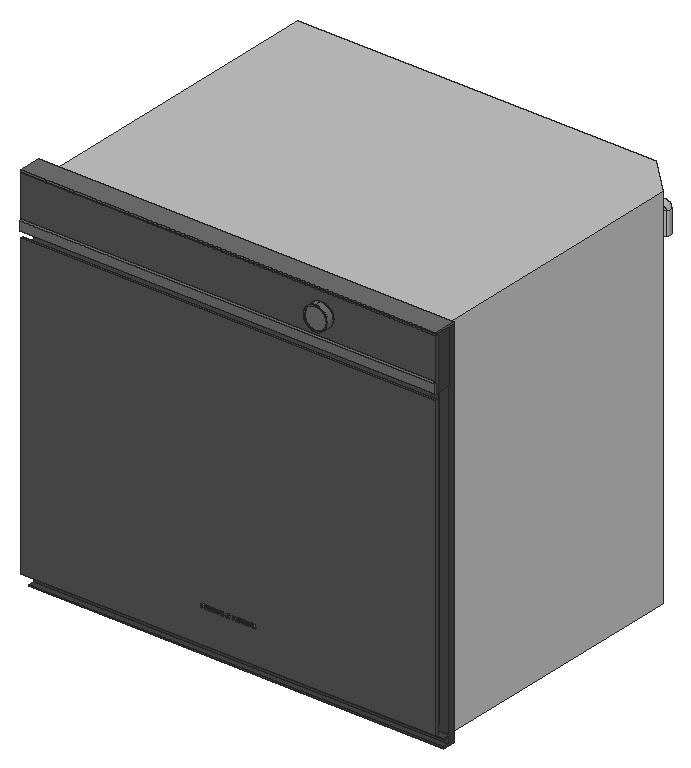
Revit family "FP_Revit_18_OB76SDPTDB1_Ovens_90000949A", category Specialty Equipment, Revit 2018
Family settings
  Round Connector Dimension = Use Diameter
  Part Type = Normal
  OmniClass Number = 23.40.40.14.17.11
  OmniClass Title = Cookers, Ovens, Stoves
  Work Plane-Based = No
  Always vertical = Yes
  Cut with Voids When Loaded = Yes
  Shared = No
  Room Calculation Point = No
Parameters (values of type "OB76SDPTDB1")
  Visibility - Clearance Required = yes
  URL = "www.fisherpaykel.com"
  Product - Width = 760 mm  # constant formula
  Product - Height = 690 mm  # constant formula
  Product - Depth = 609 mm  # constant formula
  Model = "OB76SDPTDB1"
  Material - Trim = Fisher & Paykel - Aluminium, Dark
  Material - Structure = Fisher & Paykel - Black
  Material - Handle = Fisher & Paykel - Aluminium, Dark
  Material - Glass = Fisher & Paykel - Glass, Black
  Material - Door Structure = Fisher & Paykel - Black
  Material - Buttons and Dials = Fisher & Paykel - Aluminium, Dark
  Material - Body = Fisher & Paykel - Grey
  Manufacturer = "Fisher & Paykel Appliances"
  FFL Offset [instance] = 167 mm
  Description = "76cm Self Cleaning Oven"
  Connector Note - Electrical = "230V, 18.5 A"
  Chassis - Width = 720 mm  # constant formula
  Chassis - Height = 675 mm  # constant formula
  Chassis - Depth = 569 mm  # constant formula
  Cavity - Width = 764 mm  # constant formula
  Cavity - Height = 693 mm  # constant formula
  Cavity - Depth = 575 mm  # constant formula
Reference planes
  plane 1 "Datum": y = 0
  plane 2: z = 0
  plane 3 "Center (Left/Right)": x = 0
  plane 4: z = 860
  plane 5: z = 857
  plane 6 "Product LHS": x = -380
  plane 7 "Product RHS": x = 380
  plane 8 "Product - Depth": y = 569
  plane 9 "Cavity LHS": x = -382
  plane 10 "Cavity RHS": x = 382
  plane 11 "Cavity - Depth": y = 575
  plane 12 "Front Face": y = -40
  plane 13 "FFL Offset": z = 167
Forms (mm)
  Extrusion 1, solid, material "Fisher & Paykel - Grey" <- "Material - Body"
    sketch origin (0, 0, 0) x (1, 0, 0) y (0, 1, 0)
      loop
        line (-359.809, 0) -> (360.191, 0) -> (360.191, 503) -> (294.191, 569) -> (-359.809, 569) -> (-359.809, 0)
    from 167 to 842
  Extrusion 2, solid, material "Fisher & Paykel - Clearance Required", visible <- "Visibility - Clearance Required", detail levels coarse
    sketch origin (0, 0, 0) x (1, 0, 0) y (0, 1, 0)
      loop
        line (-361.809, 0) -> (362.191, 0) -> (362.191, 575) -> (-361.809, 575) -> (-361.809, 0)
    from 167 to 848
  Extrusion 3, solid, material "Fisher & Paykel - Black" <- "Material - Structure"
    sketch origin (0, 0, 0) x (0, 1, 0) y (0, 0, 1)
      loop
        line (-11, 854.1) -> (-11, 184.834) -> (-21.5, 182.02) -> (-21.254, 181.102) -> (-11, 183.85) -> (-11, 168.95) -> (-22, 168.95) -> (-22, 167) -> (0, 167) -> (0, 854.1) -> (-11, 854.1)
    from -380 to 380
  Extrusion 4, solid, material "Fisher & Paykel - Black" <- "Material - Structure"
    sketch origin (0, 0, 0) x (0, 1, 0) y (0, 0, 1)
      loop
        line (-36, 854.1) -> (-36, 757) -> (-11, 757) -> (-11, 854.1) -> (-36, 854.1)
    from -380 to 380
  Extrusion 5, solid, material "Fisher & Paykel - Black" <- "Material - Structure"
    sketch origin (0, 0, 0) x (0, 1, 0) y (0, 0, 1)
      loop
        line (-16.2, 194.63) -> (-16.2, 744.665) -> (-36, 744.665) -> (-36, 194.63) -> (-16.2, 194.63)
    from -365 to 363.494
  Extrusion 6, solid, material "Fisher & Paykel - Black" <- "Material - Structure"
    sketch origin (0, 0, 0) x (0, 1, 0) y (0, 0, 1)
      loop
        line (-16.2, 744.665) -> (-16.2, 194.63) -> (-11, 194.63) -> (-11, 744.665) -> (-16.2, 744.665)
    from -361 to 361
  Extrusion 7, solid, material "Fisher & Paykel - Glass, Black" <- "Material - Glass"
    sketch origin (0, 0, 0) x (0, 1, 0) y (0, 0, 1)
      loop
        line (-40, 744.665) -> (-40, 194.63) -> (-36, 194.63) -> (-36, 744.665) -> (-40, 744.665)
    from -380 to 380
  Extrusion 8, solid, material "Fisher & Paykel - Glass, Black" <- "Material - Glass"
    sketch origin (0, 0, 0) x (0, 1, 0) y (0, 0, 1)
      loop
        line (-40, 852.1) -> (-40, 757) -> (-36, 757) -> (-36, 852.1) -> (-40, 852.1)
    from -380 to 380
  Extrusion 9, solid, material "Fisher & Paykel - Aluminium, Dark" <- "Material - Trim", detail levels fine
    sketch origin (0, 0, 0) x (0, 1, 0) y (0, 0, 1)
      loop
        line (-41.95, 774.531) -> (-41.95, 757) -> (-40, 757) -> (-40, 776.643) -> (-40.8, 776.643) -> (-41.95, 774.531)
    from -380 to 380
  Extrusion 10, solid, material "Fisher & Paykel - Clearance Required", visible <- "Visibility - Clearance Required", detail levels coarse
    sketch origin (0, -2000, 0) x (0, 1, 0) y (0, 0, 1)
      loop
        line (2000, 860) -> (1961, 860) -> (1961, 746.316)
        arc (1961, 746.316) -> (1570.899, 584.731) -> (1409.314, 194.63) r 551.686
        line (1409.314, 194.63) -> (1960, 194.63) -> (1960, 167) -> (2000, 167) -> (2000, 860)
    from -382 to 382
  Extrusion 11, solid, material "Fisher & Paykel - Aluminium, Dark" <- "Material - Trim"
    sketch origin (0, 0, 0) x (0, 1, 0) y (0, 0, 1)
      loop
        line (-40, 857) -> (-40, 854.1) -> (0, 854.1) -> (0, 857) -> (-40, 857)
    from -380 to 380
  Extrusion 12, void
    sketch origin (0, 0, 0) x (1, 0, 0) y (0, 1, 0)
      loop
        line (-361.809, 575) -> (-361.809, 0) -> (362.191, 0) -> (362.191, 575) -> (-361.809, 575)
    from 167 to 848
  Extrusion 13, void
    sketch origin (0, 0, 0) x (1, 0, 0) y (0, 1, 0)
      loop
        line (-382, 0) -> (-382, -40) -> (382, -40) -> (382, 0) -> (-382, 0)
    from 167 to 860
Lines and regions (mm)
  model lines, style "Fisher & Paykel"
    curve 1: line (-54, -40, 847.5) -> (54, -40, 847.5)
    curve 2: line (-54, -40, 782.7) -> (-54, -40, 847.5)
    curve 3: line (54, -40, 782.7) -> (-54, -40, 782.7)
    curve 4: line (54, -40, 847.5) -> (54, -40, 782.7)
Text (mm)
  text "Due to ongoing product development, product details are subject to change without notice. \nPlease always refer to www.fisherpaykel.com for the most current product information. \n© Fisher & Paykel 2020" at (41.04, -678.295, 0), in view "Ref. Level (Plan)"
Dimensions and locks
  equal spacing: plane 6 "Product LHS", plane 3 "Center (Left/Right)", plane 7 "Product RHS"
  "Product - Width": plane 6 "Product LHS" to plane 7 "Product RHS"
  "Chassis - Depth": plane 1 "Datum" to plane 8 "Product - Depth"
  equal spacing: plane 9 "Cavity LHS", plane 3 "Center (Left/Right)", plane 10 "Cavity RHS"
  "Cavity - Depth": plane 11 "Cavity - Depth" to plane 1 "Datum"
  Extrusion 2 to Extrusion 2 = 724 mm
  "Cavity - Width": plane 9 "Cavity LHS" to plane 10 "Cavity RHS"
  "Chassis - Width": Extrusion 1 to Extrusion 1
  plane 12 "Front Face" to plane 1 "Datum" = 40 mm
  "FFL Offset": plane 13 "FFL Offset" to level
  "Product - Height": plane 5 to plane 13 "FFL Offset"
  "Cavity - Height": plane 4 to plane 13 "FFL Offset"
  "Chassis - Height": Extrusion 1 to plane 13 "FFL Offset"
  locked: plane 5 to nested 2 at 109.352
  locked: Extrusion 5 to plane 13 "FFL Offset" at 27.63
  locked: plane 5 to nested 4 at 44.5
  locked: plane 5 to nested 1 at 129.4
  locked: Extrusion 2 to plane 13 "FFL Offset" at 681
  locked: nested 3 to plane 13 "FFL Offset" at 88.6
  aligned and locked: level to plane 2
  aligned and locked: plane 6 "Product LHS" to Extrusion 3
  aligned and locked: Extrusion 3 to plane 7 "Product RHS"
  aligned and locked: plane 9 "Cavity LHS" to Extrusion 10
  aligned and locked: Extrusion 10 to plane 10 "Cavity RHS"
  aligned and locked: Extrusion 10 sketch curve to plane 13 "FFL Offset"
  aligned and locked: plane 13 "FFL Offset" to Extrusion 3 sketch curve
  aligned and locked: Extrusion 3 to Extrusion 1
  aligned and locked: Extrusion 5 to Extrusion 6
  aligned and locked: Extrusion 7 to Extrusion 5
  aligned and locked: Extrusion 12 to Extrusion 1
  aligned and locked: Extrusion 12 to Extrusion 2
  aligned and locked: Extrusion 13 to Extrusion 1
  aligned and locked: plane 4 to Extrusion 13
  aligned and locked: Extrusion 2 to Extrusion 1
Automatic sketch dimensions
  plane 1 "Datum" to Extrusion 1 sketch curve = 0 mm
  Extrusion 1 sketch curve to plane 8 "Product - Depth" = 0 mm
  Extrusion 1 sketch curve to plane 6 "Product LHS" = 20.191 mm
  plane 7 "Product RHS" to Extrusion 1 sketch curve = 85.809 mm
  plane 7 "Product RHS" to Extrusion 1 sketch curve = 19.809 mm
  Extrusion 1 sketch curve to plane 8 "Product - Depth" = 66 mm
  plane 1 "Datum" to Extrusion 2 sketch curve = 0 mm
  plane 11 "Cavity - Depth" to Extrusion 2 sketch curve = 0 mm
  Extrusion 2 sketch curve to plane 6 "Product LHS" = 18.191 mm
  plane 7 "Product RHS" to Extrusion 2 sketch curve = 17.809 mm
  plane 1 "Datum" to Extrusion 4 sketch curve = 36 mm
  plane 1 "Datum" to Extrusion 4 sketch curve = 11 mm
  Extrusion 4 sketch curve to plane 5 = 100 mm
  Extrusion 4 sketch curve to plane 5 = 2.9 mm
  plane 1 "Datum" to Extrusion 5 sketch curve = 36 mm
  plane 1 "Datum" to Extrusion 5 sketch curve = 16.2 mm
  level to Extrusion 5 sketch curve = 194.63 mm
  Extrusion 5 sketch curve to plane 5 = 112.335 mm
  plane 1 "Datum" to Extrusion 6 sketch curve = 16.2 mm
  Extrusion 6 sketch curve to Extrusion 6 sketch curve = 5.2 mm
  level to Extrusion 6 sketch curve = 194.63 mm
  Extrusion 6 sketch curve to plane 5 = 112.335 mm
  plane 1 "Datum" to Extrusion 7 sketch curve = 40 mm
  Extrusion 7 sketch curve to Extrusion 7 sketch curve = 4 mm
  level to Extrusion 7 sketch curve = 194.63 mm
  Extrusion 7 sketch curve to plane 5 = 112.335 mm
  plane 1 "Datum" to Extrusion 8 sketch curve = 40 mm
  Extrusion 8 sketch curve to Extrusion 8 sketch curve = 4 mm
  Extrusion 8 sketch curve to plane 5 = 100 mm
  Extrusion 8 sketch curve to plane 5 = 4.9 mm
  plane 5 to Extrusion 11 sketch curve = 0 mm
  Extrusion 11 sketch curve to plane 5 = 2.9 mm
  Extrusion 11 sketch curve to Extrusion 11 sketch curve = 40 mm
  plane 1 "Datum" to Extrusion 11 sketch curve = 40 mm
  plane 1 "Datum" to Extrusion 12 sketch curve = 0 mm
  Extrusion 12 sketch curve to plane 6 "Product LHS" = 18.191 mm
  plane 7 "Product RHS" to Extrusion 12 sketch curve = 17.809 mm
  plane 11 "Cavity - Depth" to Extrusion 12 sketch curve = 0 mm
  Extrusion 13 sketch curve to plane 9 "Cavity LHS" = 0 mm
  Extrusion 13 sketch curve to plane 10 "Cavity RHS" = 0 mm
  plane 1 "Datum" to Extrusion 13 sketch curve = 0 mm
  plane 1 "Datum" to Extrusion 13 sketch curve = 40 mm
  Extrusion 9 sketch curve to Extrusion 9 sketch curve = 0.8 mm
  Extrusion 9 sketch curve to plane 12 "Front Face" = 1.95 mm
  Extrusion 9 sketch curve to plane 5 = 100 mm
  Extrusion 9 sketch curve to Extrusion 9 sketch curve = 17.531 mm
  Extrusion 9 sketch curve to Extrusion 9 sketch curve = 2.112 mm
  Extrusion 9 sketch curve to plane 12 "Front Face" = 0 mm
  plane 3 "Center (Left/Right)" to curve 1 = 54 mm
  curve 3 to curve 2 = 108 mm
  curve 4 to plane 4 = 77.3 mm
  curve 2 to curve 1 = 64.8 mm
  Extrusion 10 sketch curve to plane 12 "Front Face" = 0 mm
  Extrusion 10 sketch curve to plane 1 "Datum" = 0 mm
  plane 13 "FFL Offset" to Extrusion 10 sketch curve = 27.63 mm
  Extrusion 10 sketch curve to Extrusion 10 sketch curve = 550.686 mm
  plane 12 "Front Face" to Extrusion 10 sketch curve = 1 mm
  Extrusion 10 sketch curve to plane 4 = 0 mm
  Extrusion 3 sketch curve to plane 1 "Datum" = 0 mm
  plane 1 "Datum" to Extrusion 3 sketch curve = 11 mm
  Extrusion 3 sketch curve to Extrusion 3 sketch curve = 0 mm
  Extrusion 3 sketch curve to Extrusion 3 sketch curve = 10.254 mm
  plane 13 "FFL Offset" to Extrusion 3 sketch curve = 15.02 mm
  Extrusion 3 sketch curve to Extrusion 3 sketch curve = 0.246 mm
  plane 13 "FFL Offset" to Extrusion 3 sketch curve = 1.95 mm
  Extrusion 3 sketch curve to Extrusion 3 sketch curve = 11 mm
  Extrusion 3 sketch curve to Extrusion 3 sketch curve = 0.918 mm
  Extrusion 3 sketch curve to plane 5 = 2.9 mm
Nested families
  nested 1: "F&P Handle Contemporary Square OB30" at (0, -40, 719.622), type "Aluminium, Dark", not visible
  nested 2: "F&P Inlet Power OB30" at (327.191, 536, 797.625) x (0.7071, -0.7071, 0) z (0, 0, 1), type "F&P Inlet Power OB30"
  nested 3: "F&P Logo 100mm" at (0, -40, 255.6), type "Grey", detail levels fine
  nested 4: "F&P Dial OB" at (170, -40, 812.5), type "F&P Dial OB Black"
Connectors
  electrical at (334.648, 543.457, 747.648), driven by "Connector Note - Electrical"
    settings: on nested 2, index 1, voltage 230 V, apparent load 0 VA, apparent load phase1 0 VA, apparent load phase2 0 VA, apparent load phase3 0 VA, power factor 1, load classification "Other", number of poles 1, system type 30, power factor state 1, is connector primary yes, connector utility no, sub classification motor no, connector description "230V, 18.5 A"
Definition of nested family "F&P Handle Contemporary Square OB30"
  Parameters (values of type "Aluminium, Dark")
    URL = "www.fisherpaykel.com"
    Material - Handle = none
    Manufacturer = "Fisher & Paykel Appliances"
    Handle - Length = 727 mm
  Types (3): name
    (no name)
    Aluminium
    Aluminium, Dark
  Reference planes
    plane 1 "Center (Front/Back)": y = 0
    plane 2: z = 0
    plane 3 "Center (Left/Right)": x = 0
    plane 4 "Product LHS": x = -363.5
    plane 5 "Product RHS": x = 363.5
    plane 6 "LHS Standoff": x = -243.495
    plane 7 "RHS Standoff": x = 243.505
  Forms (mm)
    Extrusion 1, solid, material <- "Material - Handle", detail levels fine
      sketch origin (0, 0, 0) x (0, 1, 0) y (0, 0, 1)
        loop
          arc (-28.701, 7.561) -> (-29.057, 7.868) -> (-29.514, 7.978) r 1
          line (-29.514, 7.978) -> (-40.5, 7.978)
          arc (-40.5, 7.978) -> (-41.561, 7.539) -> (-42, 6.478) r 1.5
          line (-42, 6.478) -> (-42, -6.522)
          arc (-42, -6.522) -> (-41.561, -7.583) -> (-40.5, -8.022) r 1.5
          line (-40.5, -8.022) -> (-29.487, -8.022)
          arc (-29.487, -8.022) -> (-29.029, -7.911) -> (-28.673, -7.602) r 1
          arc (-28.673, -7.602) -> (-26.256, -0.016) -> (-28.701, 7.561) r 13.038
      from -363.5 to 363.5
    Extrusion 2, solid, material <- "Material - Handle", detail levels fine
      sketch origin (0, 0, 0) x (0, 1, 0) y (0, 0, 1)
        loop
          arc (-28.23, 7.062) -> (-26.156, 0.008) -> (-28.198, -7.056) r 13.136
          arc (-28.198, -7.056) -> (-28.21, -7.463) -> (-27.86, -7.67) r 0.4
          line (-27.86, -7.67) -> (0, -7.67) -> (0, 7.678) -> (-27.893, 7.678)
          arc (-27.893, 7.678) -> (-28.244, 7.47) -> (-28.23, 7.062) r 0.4
      from 243.505 to 363.5
    Extrusion 3, solid, material <- "Material - Handle", detail levels fine
      sketch origin (0, 0, 0) x (0, 1, 0) y (0, 0, -1)
        loop
          arc (-28.23, -7.062) -> (-28.244, -7.47) -> (-27.893, -7.678) r 0.4
          line (-27.893, -7.678) -> (0, -7.678) -> (0, 7.67) -> (-27.86, 7.67)
          arc (-27.86, 7.67) -> (-28.21, 7.463) -> (-28.198, 7.056) r 0.4
          arc (-28.198, 7.056) -> (-26.156, -0.008) -> (-28.23, -7.062) r 13.136
      from 243.495 to 363.5
    Sweep 4, void
      path in 3D
        loop
          line (363.5, -29.514, 7.978) -> (363.5, -40.5, 7.978)
          arc (363.5, -40.5, 7.978) -> (363.5, -41.561, 7.539) -> (363.5, -42, 6.478) r 1.5
          line (363.5, -42, 6.478) -> (363.5, -42, -6.522)
          arc (363.5, -42, -6.522) -> (363.5, -41.561, -7.583) -> (363.5, -40.5, -8.022) r 1.5
          line (363.5, -40.5, -8.022) -> (363.5, -29.487, -8.022)
      profile origin (363.5, -35.007, 7.978) x (1, 0, 0) y (0, 0, 1)
        loop
          line (0, 0) -> (-1.3, 0) -> (0, -1.3) -> (0, 0)
    Sweep 5, void
      path in 3D
        loop
          line (-363.5, -29.487, -8.022) -> (-363.5, -40.5, -8.022)
          arc (-363.5, -40.5, -8.022) -> (-363.5, -41.561, -7.583) -> (-363.5, -42, -6.522) r 1.5
          line (-363.5, -42, -6.522) -> (-363.5, -42, 6.478)
          arc (-363.5, -42, 6.478) -> (-363.5, -41.561, 7.539) -> (-363.5, -40.5, 7.978) r 1.5
          line (-363.5, -40.5, 7.978) -> (-363.5, -29.514, 7.978)
      profile origin (-363.5, -35.007, 7.978) x (-1, 0, 0) y (0, 0, 1)
        loop
          line (0, 0) -> (-1.3, 0) -> (0, -1.3) -> (0, 0)
    Extrusion 6, void
      sketch origin (0, 0, 0) x (1, 0, 0) y (0, 0, 1)
        loop
          line (363.5, 7.978) -> (362.2, 7.978) -> (363.5, 6.678) -> (363.5, 7.978)
        loop
          line (363.5, -8.022) -> (363.5, -6.722) -> (362.2, -8.022) -> (363.5, -8.022)
      from 0 to 40
    Extrusion 7, void
      sketch origin (0, 0, 0) x (1, 0, 0) y (0, 0, 1)
        loop
          line (-363.5, 7.978) -> (-363.5, 6.678) -> (-362.2, 7.978) -> (-363.5, 7.978)
        loop
          line (-363.5, -8.022) -> (-362.2, -8.022) -> (-363.5, -6.722) -> (-363.5, -8.022)
      from 0 to 40
    Extrusion 8, solid, material <- "Material - Handle", detail levels coarse+medium
      sketch origin (0, 0, 0) x (1, 0, 0) y (0, 1, 0)
        loop
          line (-363.5, -42) -> (363.5, -42) -> (363.5, 0) -> (243.505, 0) -> (243.505, -26.156) -> (-243.495, -26.156) -> (-243.495, 0) -> (-363.5, 0) -> (-363.5, -42)
      from -8.022 to 7.978
  Cuts and joins
    Sweep 4, Sweep 5, Extrusion 6, Extrusion 7 cuts Extrusion 1
    Extrusion 6 cuts Extrusion 2
    Extrusion 7 cuts Extrusion 3
  Lines and regions (mm)
    sketch lines
      curve 1: line (363.5, -29.514, 7.978) -> (363.5, -40.5, 7.978)
      curve 2: arc (363.5, -42, 6.478) -> (363.5, -41.561, 7.539) -> (363.5, -40.5, 7.978) r 1.5
      curve 3: line (363.5, -42, 6.478) -> (363.5, -42, -6.522)
      curve 4: arc (363.5, -40.5, -8.022) -> (363.5, -41.561, -7.583) -> (363.5, -42, -6.522) r 1.5
      curve 5: line (363.5, -40.5, -8.022) -> (363.5, -29.487, -8.022)
      curve 6: line (-363.5, -40.5, 7.978) -> (-363.5, -29.514, 7.978)
      curve 7: arc (-363.5, -40.5, 7.978) -> (-363.5, -41.561, 7.539) -> (-363.5, -42, 6.478) r 1.5
      curve 8: line (-363.5, -42, -6.522) -> (-363.5, -42, 6.478)
      curve 9: arc (-363.5, -42, -6.522) -> (-363.5, -41.561, -7.583) -> (-363.5, -40.5, -8.022) r 1.5
      curve 10: line (-363.5, -29.487, -8.022) -> (-363.5, -40.5, -8.022)
  Dimensions and locks
    equal spacing: plane 4 "Product LHS", plane 3 "Center (Left/Right)", plane 5 "Product RHS"
    "Handle - Length": plane 4 "Product LHS" to plane 5 "Product RHS"
    locked: plane 4 "Product LHS" to plane 6 "LHS Standoff" at 120.005
    locked: plane 7 "RHS Standoff" to plane 5 "Product RHS" at 119.995
    aligned and locked: level to plane 2
    aligned and locked: Extrusion 1 to plane 5 "Product RHS"
    aligned and locked: plane 4 "Product LHS" to Extrusion 1
    aligned and locked: Extrusion 2 to plane 5 "Product RHS"
    aligned and locked: plane 4 "Product LHS" to Extrusion 3
    aligned and locked: plane 4 "Product LHS" to Extrusion 8 sketch curve
    aligned and locked: Extrusion 8 sketch curve to plane 5 "Product RHS"
    aligned and locked: Extrusion 8 sketch curve to plane 7 "RHS Standoff"
    aligned and locked: plane 6 "LHS Standoff" to Extrusion 8 sketch curve
    aligned and locked: Extrusion 2 to plane 7 "RHS Standoff"
    aligned and locked: plane 6 "LHS Standoff" to Extrusion 3
  Automatic sketch dimensions
    Extrusion 1 sketch curve to level = 6.522 mm
    plane 1 "Center (Front/Back)" to Extrusion 1 sketch curve = 42 mm
    Extrusion 1 sketch curve to Extrusion 1 sketch curve = 1.5 mm  (x2)
    Extrusion 1 sketch curve to level = 0.04 mm
    Extrusion 1 sketch curve to Extrusion 1 sketch curve = 1.206 mm
    level to Extrusion 1 sketch curve = 6.978 mm
    Extrusion 1 sketch curve to Extrusion 1 sketch curve = 10.986 mm
    Extrusion 1 sketch curve to Extrusion 1 sketch curve = 11.013 mm
    Extrusion 1 sketch curve to Extrusion 1 sketch curve = 1 mm
    level to Extrusion 1 sketch curve = 6.478 mm
    Extrusion 1 sketch curve to Extrusion 1 sketch curve = 0 mm
    Extrusion 2 sketch curve to plane 1 "Center (Front/Back)" = 0 mm
    Extrusion 2 sketch curve to level = 7.67 mm
    Extrusion 2 sketch curve to Extrusion 2 sketch curve = 27.86 mm
    level to Extrusion 2 sketch curve = 7.678 mm
    Extrusion 2 sketch curve to Extrusion 2 sketch curve = 0.033 mm
    Extrusion 2 sketch curve to level = 0.022 mm
    Extrusion 2 sketch curve to Extrusion 2 sketch curve = 11.398 mm
    Extrusion 2 sketch curve to Extrusion 2 sketch curve = 0.4 mm  (x2)
    Extrusion 2 sketch curve to Extrusion 2 sketch curve = 0 mm
    Extrusion 3 sketch curve to plane 1 "Center (Front/Back)" = 0 mm
    Extrusion 3 sketch curve to level = 7.67 mm
    Extrusion 3 sketch curve to Extrusion 3 sketch curve = 27.86 mm
    level to Extrusion 3 sketch curve = 7.678 mm
    Extrusion 3 sketch curve to Extrusion 3 sketch curve = 0.033 mm
    Extrusion 3 sketch curve to level = 0.022 mm
    Extrusion 3 sketch curve to Extrusion 3 sketch curve = 11.398 mm
    Extrusion 3 sketch curve to Extrusion 3 sketch curve = 0.4 mm  (x2)
    Extrusion 3 sketch curve to Extrusion 3 sketch curve = 0 mm
    profile plane to Sweep 4 sketch curve = 0 mm
    Sweep 4 sketch curve to profile plane = 0 mm
    Sweep 4 sketch curve to profile plane = 1.3 mm
    profile plane to Sweep 4 sketch curve = 1.3 mm
    Sweep 5 sketch curve to profile plane = 0 mm  (x2)
    profile plane to Sweep 5 sketch curve = 1.3 mm
    Sweep 5 sketch curve to profile plane = 1.3 mm
    plane 5 "Product RHS" to Extrusion 6 sketch curve = 0 mm  (x2)
    Extrusion 6 sketch curve to Extrusion 6 sketch curve = 1.3 mm  (x4)
    Extrusion 6 sketch curve to level = 6.722 mm
    level to Extrusion 6 sketch curve = 6.678 mm
    plane 4 "Product LHS" to Extrusion 7 sketch curve = 0 mm  (x2)
    Extrusion 7 sketch curve to plane 4 "Product LHS" = 1.3 mm  (x2)
    Extrusion 7 sketch curve to level = 8.022 mm
    level to Extrusion 7 sketch curve = 6.678 mm
    Extrusion 7 sketch curve to Extrusion 7 sketch curve = 1.3 mm  (x2)
    plane 1 "Center (Front/Back)" to Extrusion 8 sketch curve = 0 mm  (x2)
    Extrusion 8 sketch curve to Extrusion 8 sketch curve = 26.156 mm
    Extrusion 8 sketch curve to Extrusion 8 sketch curve = 42 mm
Definition of nested family "F&P Inlet Power OB30"
  Parameters (values of type "F&P Inlet Power OB30")
    URL = "www.fisherpaykel.com"
    Material - Body = none
    Manufacturer = "Fisher & Paykel Appliances"
  Reference planes
    plane 1 "Center (Front/Back)": y = 0
    plane 2: z = 0
    plane 3 "Center (Left/Right)": x = 0
  Forms (mm)
    Extrusion 1, solid, material <- "Material - Body"
      sketch origin (0, 0, 0) x (1, 0, 0) y (0, 0, 1)
        loop
          circle (0, 0) r 14.523
        loop
          circle (0, 0) r 7.273
      from -3.02 to 0
    Sweep 2, solid, material <- "Material - Body"
      path origin (0, 0, 0) x (0, 1, 0) y (0, 0, 1)
        loop
          line (0, 0) -> (2.546, 0)
          arc (2.546, 0) -> (8.203, -2.343) -> (10.546, -8) r 8
          line (10.546, -8) -> (10.546, -49.977)
      profile origin (0, 1.273, 0) x (0, 0, 1) y (1, 0, 0)
        loop
          circle (0, 0) r 7.273
  Dimensions and locks
    aligned and locked: level to plane 2
Definition of nested family "F&P Logo 100mm"
  Parameters (values of type "Chrome")
    URL = "www.fisherpaykel.com"
    Material - Logo = none
    Manufacturer = "Fisher & Paykel Appliances"
  Types (3): name
    (no name)
    Chrome
    Grey
  Reference planes
    plane 1 "Center (Front/Back)": y = 0
    plane 2: z = 0
    plane 3 "Center (Left/Right)": x = 0
  Forms (mm)
    Extrusion 1, solid, material <- "Material - Logo", detail levels fine
      sketch origin (0, 0, 0) x (1, 0, 0) y (0, 0, 1)
        loop
          line (-50.044, 0) -> (-48.47, 0) -> (-48.47, 2.138) -> (-46.011, 2.138) -> (-46.011, 3.472) -> (-48.47, 3.472) -> (-48.47, 4.712) -> (-45.795, 4.712) -> (-45.795, 6.04) -> (-50.044, 6.04) -> (-50.044, 0)
        loop
          line (-42.804, 6.04) -> (-42.804, 0) -> (-41.23, 0) -> (-41.23, 6.04) -> (-42.804, 6.04)
        loop
          line (-30.724, 6.04) -> (-30.724, 0) -> (-29.151, 0) -> (-29.151, 2.42) -> (-26.839, 2.42) -> (-26.839, 0) -> (-25.265, 0) -> (-25.265, 6.04) -> (-26.839, 6.04) -> (-26.839, 3.748) -> (-29.151, 3.748) -> (-29.151, 6.04) -> (-30.724, 6.04)
        loop
          line (-21.906, 6.04) -> (-21.906, 0) -> (-17.602, 0) -> (-17.602, 1.328) -> (-20.347, 1.328) -> (-20.347, 2.42) -> (-17.838, 2.42) -> (-17.838, 3.748) -> (-20.347, 3.748) -> (-20.347, 4.712) -> (-17.602, 4.712) -> (-17.602, 6.04) -> (-21.906, 6.04)
        loop
          line (45.667, 6.04) -> (45.667, 0) -> (49.956, 0) -> (49.956, 1.328) -> (47.241, 1.328) -> (47.241, 6.04) -> (45.667, 6.04)
        loop
          line (42.431, 6.04) -> (38.112, 6.04) -> (38.112, 0) -> (42.431, 0) -> (42.431, 1.328) -> (39.687, 1.328) -> (39.687, 2.42) -> (42.195, 2.42) -> (42.195, 3.748) -> (39.687, 3.748) -> (39.687, 4.712) -> (42.431, 4.712) -> (42.431, 6.04)
        loop
          line (33.451, 3.148) -> (35.683, 6.04) -> (33.844, 6.04) -> (31.915, 3.542) -> (31.915, 6.04) -> (30.342, 6.04) -> (30.342, 0) -> (31.915, 0) -> (31.915, 2.705) -> (33.903, 0) -> (35.763, 0) -> (33.451, 3.148)
        loop
          line (21.98, 6.04) -> (24.262, 2.42) -> (24.262, 0) -> (25.837, 0) -> (25.837, 2.341) -> (28.119, 6.04) -> (26.446, 6.04) -> (25.099, 3.707) -> (23.753, 6.04) -> (21.98, 6.04)
        loop
          line (18.479, 6.04) -> (16.983, 6.04) -> (14.524, 0) -> (16.069, 0) -> (16.501, 1.112) -> (18.921, 1.112) -> (19.354, 0) -> (20.938, 0) -> (18.479, 6.04)
        loop
          line (18.4, 2.439) -> (17.693, 4.174) -> (17.018, 2.439) -> (18.4, 2.439)
        loop
          line (8.031, 6.04) -> (8.031, 0) -> (9.605, 0) -> (9.605, 1.938) -> (10.599, 1.938)
          arc (10.599, 1.938) -> (12.65, 3.989) -> (10.599, 6.04) r 2.051
          line (10.599, 6.04) -> (8.031, 6.04)
        loop
          line (9.605, 4.712) -> (9.605, 3.197) -> (10.501, 3.197)
          arc (10.501, 3.197) -> (11.259, 3.954) -> (10.501, 4.712) r 0.757
          line (10.501, 4.712) -> (9.605, 4.712)
        loop
          line (-11.783, 6.04) -> (-14.366, 6.04) -> (-14.366, 0) -> (-12.792, 0) -> (-12.792, 1.336) -> (-11.992, 1.336) -> (-10.972, 0) -> (-9.153, 0) -> (-10.694, 1.973)
          arc (-10.694, 1.973) -> (-9.678, 4.424) -> (-11.783, 6.04) r 2.179
        loop
          line (-11.897, 4.712) -> (-12.792, 4.712) -> (-12.792, 3.053) -> (-11.897, 3.053)
          arc (-11.897, 3.053) -> (-11.068, 3.882) -> (-11.897, 4.712) r 0.83
        loop
          line (0.477, 4.712) -> (0.477, 6.153) -> (-3.575, 6.153) -> (-3.575, 4.851) -> (-2.974, 4.112)
          arc (-2.974, 4.112) -> (-3.51, 0.684) -> (-0.045, 0.512) r 2.334
          line (-0.045, 0.512) -> (0.46, -0.109) -> (2.246, -0.109) -> (0.86, 1.594) -> (2.061, 3.324) -> (0.443, 3.324) -> (-0.013, 2.667) -> (-1.677, 4.712) -> (0.477, 4.712)
        loop
          arc (-2.125, 3.068) -> (-2.269, 1.668) -> (-0.868, 1.524) r 0.996
          line (-0.868, 1.524) -> (-2.125, 3.068)
        loop
          line (-35.18, 3.634) -> (-36.516, 3.91)
          arc (-36.516, 3.91) -> (-37.049, 4.443) -> (-36.516, 4.976) r 0.533
          arc (-36.516, 4.976) -> (-35.235, 4.79) -> (-34.059, 4.248) r 4.505
          line (-34.059, 4.248) -> (-34.059, 5.743)
          arc (-34.059, 5.743) -> (-35.549, 6.179) -> (-37.1, 6.109) r 4.726
          arc (-37.1, 6.109) -> (-38.536, 4.335) -> (-37.1, 2.561) r 1.814
          line (-37.1, 2.561) -> (-35.754, 2.282)
          arc (-35.754, 2.282) -> (-35.221, 1.749) -> (-35.754, 1.216) r 0.533
          arc (-35.754, 1.216) -> (-37.035, 1.402) -> (-38.211, 1.945) r 4.505
          line (-38.211, 1.945) -> (-38.211, 0.449)
          arc (-38.211, 0.449) -> (-36.72, 0.013) -> (-35.169, 0.083) r 4.726
          arc (-35.169, 0.083) -> (-33.734, 1.863) -> (-35.18, 3.634) r 1.814
      from 0 to 0.8
  Dimensions and locks
    aligned and locked: level to plane 2
Definition of nested family "F&P Dial OB"
  Parameters (values of type "F&P Dial OB Black")
    URL = "www.fisherpaykel.com"
    Material - Buttons and Dials = none
    Manufacturer = "Fisher & Paykel Appliances"
  Types (2): name
    F&P Dial OB
    F&P Dial OB Black
  Reference planes
    plane 1 "Center (Front/Back)": y = 0
    plane 2: z = 0
    plane 3 "Center (Left/Right)": x = 0
  Forms (mm)
    Revolve 1, solid, material <- "Material - Buttons and Dials", detail levels fine
      sketch origin (0, 0, 0) x (0, 1, 0) y (0, 0, 1)
        loop
          line (0, 22) -> (-0.843, 22) -> (-0.843, 16.038) -> (-2.39, 16.038) -> (-2.39, 22) -> (-13.7, 22) -> (-13.7, 21.2) -> (-13.191, 20) -> (-8.9, 20) -> (-8.9, 0) -> (0, 0) -> (0, 22)
        axis (0, 0) -> (-13.7, 0)
      angle from 0 to 360
    Extrusion 2, solid, material <- "Material - Buttons and Dials", detail levels fine
      sketch origin (0, 0, 0) x (1, 0, 0) y (0, 0, 1)
        loop
          circle (0, 0) r 19.45
      from 8.9 to 13.191
    Extrusion 3, solid, material <- "Material - Buttons and Dials", detail levels coarse+medium
      sketch origin (0, 0, 0) x (1, 0, 0) y (0, 0, 1)
        loop
          circle (0, 0) r 22
      from 0 to 13.7
  Dimensions and locks
    aligned and locked: level to plane 2
